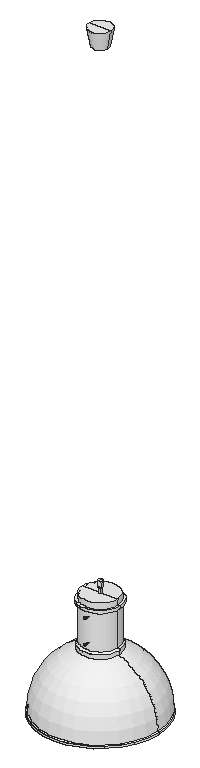
Revit family
Parameters (values of type "400 x 450")
  Wattage Comments = "150"
  Wattage = 9.2903 W
  built-in parameter 1150110 = 1 (stored number, unit not read)
  built-in parameter 1114217 = 1 (stored number, unit not read)
  built-in parameter 1150109 = 1 (stored number, unit not read)
  built-in parameter 1150134 = 3
  Tap Height = 132.5 mm
  built-in parameter 1150113 = 1 (stored number, unit not read)
  Radius_1 = 200 mm
  Radius = 194 mm
  Placement Height [instance] = 2000 mm
  Material = Metal - Aluminium
  Manufacturer = "Revit"
  built-in parameter 1150105 = 109.82 (stored number, unit not read)
  Lumens = 1380 lm
  built-in parameter 1150115 = 1 (stored number, unit not read)
  Light Source Symbol Size = 609.6 mm
  built-in parameter 1150137 = (empty or 0)
  built-in parameter 1150139 = (empty or 0)
  built-in parameter 1150112 = 1 (stored number, unit not read)
  built-in parameter 1150114 = 1 (stored number, unit not read)
  Lamp = "Incandescent"
  Keynote = "V"
  built-in parameter 1150132 = 2
  built-in parameter 1150102 = (empty or 0)
  built-in parameter 1150107 = 3200 (stored number, unit not read)
  built-in parameter 1150138 = (empty or 0)
  built-in parameter 1150106 = 1.0982 (stored number, unit not read)
  built-in parameter 1150104 = 13.8 (stored number, unit not read)
  Dimming Lamp Color Temperature Shift = (empty or 0)
  Description = "Ceiling Lamp"
  Color Filter = 16777215
  built-in parameter 1114218 = 1 (stored number, unit not read)
  built-in parameter 1150133 = 10 (stored number, unit not read)
  Assembly Code = "D5020220"
Types (3, lengths in mm): name | Wattage Comments | Tap Height | Radius_1 | Radius
  270 x 300 | "60" | 70 | 135 | 129.5
  350 x 400 | "100" | 120 | 175 | 170
  400 x 450 | "150" | 132.5 | 200 | 194
Reference planes
  plane 1 "Light Source Axis (F/B)": y = 0
  plane 2: z = 0
  plane 3 "Light Source Axis (L/R)": x = 0
  plane 4 "Ceiling": z = 3000
  plane 5 "Light Source Elevation": z = 1000
  plane 6: z = 1213.595
  plane 7: z = 1132.5
Forms (mm)
  Revolve 1, solid, material "Metal - Aluminium" <- "Material"
    sketch origin (0, 0, 0) x (1, 0, 0) y (0, 0, 1)
      loop
        line (-197, 895.828) -> (-197, 900.469) -> (-193.37, 904.099)
        arc (-193.37, 904.099) -> (-151.539, 1028.084) -> (-40.496, 1097.305) r 194
        line (-40.496, 1097.305) -> (-40.496, 1105.564) -> (-25.33, 1105.564) -> (-25.33, 1108.564) -> (-43.496, 1108.564) -> (-43.496, 1099.798)
        arc (-43.496, 1099.798) -> (-154.335, 1029.525) -> (-196.475, 905.236) r 197.087
        line (-196.475, 905.236) -> (-200, 901.711) -> (-200, 895.828) -> (-197, 895.828)
      loop
        line (-65.892, 1095.583) -> (-62.892, 1095.583) -> (-62.892, 1106.481) -> (-56.483, 1112.89) -> (-56.483, 1260.266) -> (0, 1260.266) -> (0, 1303.537) -> (-2.936, 1303.537)
        arc (-2.936, 1303.537) -> (-5.289, 1302.574) -> (-6.291, 1300.237) r 3.355
        line (-6.291, 1300.237) -> (-6.291, 1282.835) -> (-2.936, 1279.48) -> (-2.936, 1263.266) -> (-59.158, 1263.266) -> (-59.158, 1244.83) -> (-68.485, 1244.83) -> (-68.485, 1236.061) -> (-63.485, 1236.061) -> (-63.485, 1239.83) -> (-59.483, 1239.83) -> (-59.483, 1114.133) -> (-65.892, 1107.723) -> (-65.892, 1095.583)
      axis (0, 895.828) -> (0, 1303.537)
    angle from 0 to 360
  Revolve 2, solid, material "Metal - Aluminium" <- "Material"
    sketch origin (0, 0, 0) x (1, 0, 0) y (0, 0, 1)
      loop
        line (0, 3000) -> (-37, 3000) -> (-25, 2943) -> (-5, 2943) -> (-5, 2938) -> (0, 2938) -> (0, 3000)
      axis (0, 2938) -> (0, 3000)
    angle from 0 to 360
  Extrusion 3, solid, material "Metal - Aluminium" <- "Material"
    sketch origin (0, 0, 0) x (1, 0, 0) y (0, 0, 1)
      loop
        circle (0, 1132.5) r 3
      loop
        circle (0, 1213.595) r 3
    from -67.004 to 66.851
Lines and regions (mm)
  sketch lines
    curve 1: line (-2000, 2000, 0) -> (2000, 2000, 0)
    curve 2: line (-2000, 2000, 0) -> (-2000, -2000, 0)
    curve 3: line (-2000, -2000, 0) -> (2000, -2000, 0)
    curve 4: line (2000, 2000, 0) -> (2000, -2000, 0)
  model lines
    curve 5: line (0, 0, 2938) -> (0, 0, 1240.928)
Dimensions and locks
  equal spacing: curve 2, plane 3 "Light Source Axis (L/R)", curve 4
  equal spacing: curve 3, plane 1 "Light Source Axis (F/B)", curve 1
  curve 2 to curve 4 = 4000 mm
  curve 3 to curve 1 = 4000 mm
  locked: plane 4 "Ceiling" to host ceiling at 0
  locked: Revolve 2 sketch curve to Revolve 2 sketch curve at 57
  locked: Revolve 1 sketch curve to Revolve 1 sketch curve at 18.166
  locked: Revolve 1 sketch curve to Revolve 1 sketch curve at 3  (x4)
  locked: Revolve 1 sketch curve to Revolve 1 sketch curve at 9.408
  locked: plane 7 to plane 6 at 81.095
  "Tap Height": plane 5 "Light Source Elevation" to plane 7
  "Placement Height": plane 5 "Light Source Elevation" to plane 4 "Ceiling"
  locked: Revolve 1 sketch curve to Revolve 1 sketch curve at 3.63
  "Radius_1": plane 3 "Light Source Axis (L/R)" to Revolve 1 sketch curve
  "Radius": radius of Revolve 1 sketch curve
  aligned and locked: plane 3 "Light Source Axis (L/R)" to Revolve 1 sketch curve
  aligned and locked: plane 3 "Light Source Axis (L/R)" to Revolve 2 sketch curve
  aligned and locked: plane 4 "Ceiling" to Revolve 2 sketch curve
  aligned and locked: curve 5 to Revolve 2
  aligned and locked: plane 3 "Light Source Axis (L/R)" to imposter light
  aligned and locked: plane 1 "Light Source Axis (F/B)" to imposter light
  aligned and locked: plane 5 "Light Source Elevation" to imposter light
Automatic sketch dimensions
  Revolve 2 sketch curve to plane 3 "Light Source Axis (L/R)" = 0 mm
  Revolve 2 sketch curve to plane 3 "Light Source Axis (L/R)" = 5 mm
  Revolve 2 sketch curve to Revolve 2 sketch curve = 20 mm
  Revolve 2 sketch curve to Revolve 2 sketch curve = 5 mm
  Revolve 2 sketch curve to level = 358.228 mm
  Revolve 2 sketch curve to Revolve 2 sketch curve = 362.185 mm
  Revolve 1 sketch curve to Revolve 1 sketch curve = 0 mm  (x2)
  Revolve 1 sketch curve to plane 3 "Light Source Axis (L/R)" = 0 mm
  Revolve 1 sketch curve to Revolve 1 sketch curve = 3.105 mm
  Revolve 1 sketch curve to Revolve 1 sketch curve = 9.327 mm
  Revolve 1 sketch curve to Revolve 1 sketch curve = 3 mm  (x2)
  Revolve 1 sketch curve to Revolve 1 sketch curve = 12.987 mm
  Revolve 1 sketch curve to plane 3 "Light Source Axis (L/R)" = 6.291 mm
  Revolve 1 sketch curve to Revolve 1 sketch curve = 2.936 mm
  Revolve 1 sketch curve to plane 3 "Light Source Axis (L/R)" = 2.936 mm
  plane 3 "Light Source Axis (L/R)" to Revolve 1 sketch curve = 0.596 mm
  Revolve 1 sketch curve to level = 358.228 mm
  Revolve 1 sketch curve to Revolve 1 sketch curve = 4.64 mm
  Revolve 1 sketch curve to Revolve 1 sketch curve = 4.216 mm
  Revolve 1 sketch curve to Revolve 1 sketch curve = 5.766 mm
  Revolve 1 sketch curve to Revolve 1 sketch curve = 10.898 mm
  Revolve 1 sketch curve to Revolve 1 sketch curve = 1.243 mm  (x2)
  Revolve 1 sketch curve to Revolve 1 sketch curve = 6.409 mm
  Revolve 1 sketch curve to Revolve 1 sketch curve = 121.929 mm
  Revolve 1 sketch curve to Revolve 1 sketch curve = 3.768 mm
  Revolve 1 sketch curve to Revolve 1 sketch curve = 5 mm  (x2)
  Revolve 1 sketch curve to Revolve 1 sketch curve = 15.436 mm  (x2)
  Revolve 1 sketch curve to Revolve 1 sketch curve = 16.215 mm
  Revolve 1 sketch curve to Revolve 1 sketch curve = 3.355 mm
  Revolve 1 sketch curve to Revolve 1 sketch curve = 17.402 mm
  Revolve 1 sketch curve to Revolve 1 sketch curve = 0.055 mm
  Extrusion 3 sketch curve to plane 3 "Light Source Axis (L/R)" = 0 mm  (x2)
  Extrusion 3 sketch curve to plane 7 = 0 mm
  Extrusion 3 sketch curve to plane 6 = 0 mm
  Revolve 1 sketch curve to plane 3 "Light Source Axis (L/R)" = 65.892 mm
  Revolve 1 sketch curve to Revolve 1 sketch curve = 3.409 mm
  Revolve 1 sketch curve to Revolve 1 sketch curve = 2.675 mm
  Revolve 2 sketch curve to plane 3 "Light Source Axis (L/R)" = 37 mm
  curve 5 to plane 5 "Light Source Elevation" = 240.928 mm
  plane 4 "Ceiling" to curve 5 = 62 mm
  Revolve 1 sketch curve to Revolve 1 sketch curve = 9.002 mm
  plane 5 "Light Source Elevation" to Revolve 1 sketch curve = 95.901 mm
  radius of Extrusion 3 sketch curve = 3 mm  (x2)
